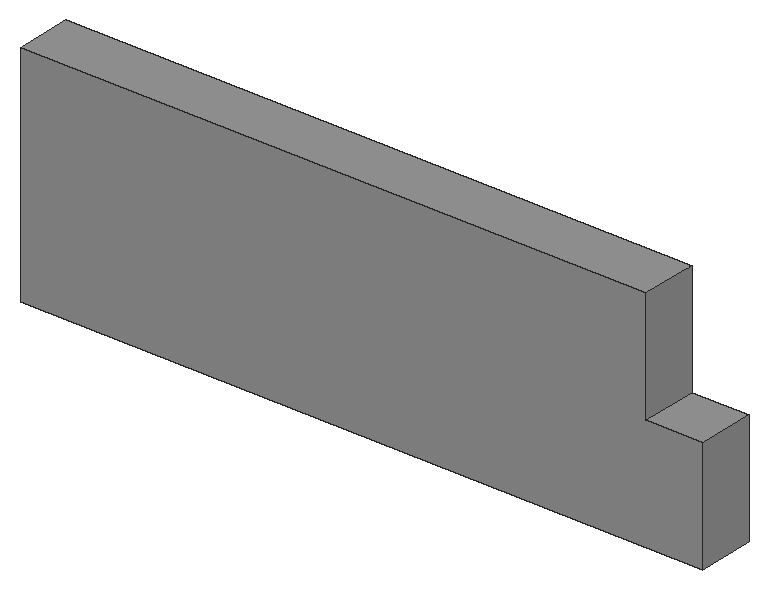
Revit family "3. TacoNegro_PRecta_ESP", category Generic Models, host Wall, Revit 2015
Parameters (values of type "Stonepanel® SKY Taco Negro. 20 cm - 60 cm")
  Ventajas de Stonepanel = "Eficaz: Instalación ágil y sencilla : 10 veces más rápido que la mampostería tradicional (Ritmo medio de colocación de 20 m2/día). Mayor rentabilidad gracias al menor desperdicio de material en obra y a la durabilidad de un producto natural frente a otros revestimientos. La colocación de los paneles no requiere mano de obra ni maquinaria especializada.\r\nSeguro: Un sistema de anclaje patentado, de acero inoxidable, que permite su instalación a más de 2 metros de altura. Base de cemento homogénea y rugosa que garantiza la adhesión y permite el corte sin desprendimiento.\r\nCalidad: Control permanente del proceso de producción desde la oficina I+D+I. Una cuidada selección de piedra natural realizada por los expertos de CUPASTONE. Disponibilidad de piezas especiales para adaptarse perfectamente a cada edificio: esquinas (macizas, rectas, dobles o para ventanas), cubremuros, y otros complementarios.\r\nEstética: Forma de “S” que evita la visión de las juntas para homogenizar el aspecto final. Gran variedad de paneles para elegir entre colores y acabados de piedra natural. La propia belleza y exclusividad de la piedra natural: Cada piedra es\r\núnica."
  Usos Indicados = "Revestimiento de Paredes exteriores e interiores en edificaciones nuevas o rehabilitaciones"
  Uniclass 2015 = "Pr_25_71_14_56 Natural stone panels"
  Uniclass 2 = "Pr_25_71_14_56 Natural stone panels"
  URL = "http://www.cupastone.es/producto/stonepanel-taco-negro/"
  Sistema de anclaje = "Cinta perforada en acero inoxidable:\r\n- Naturaleza del acero: AISI 316 (1.4401) o AISI 304 (1.4301)\r\n- Espesor mínimo (mm) : 0,7\r\n- Ancho (mm) : 12 a 15\r\n- Diámetro del hueco (mm) : 6 ± 1\r\n\r\nTacos:\r\nLa elección de los tacos y clavijas de fijación debe ser realizada teniendo en cuenta la acción en depresión del viento (muros exteriores) y de la resistencia de los tacos en el soporte, en función de la naturaleza del soporte."
  Resistencia al fuego = "No combustible"
  Resistencia a la flexión = "-"
  Resistencia al hielo = "Sin alteraciones despues de 50 ciclos"
  Resistencia = "Buena resistencia"
  Peso = "9 kg"
  Oxidación = "No oxida"
  Otros datos de interés del producto = "Dispone de un anclaje para instalar a alturas superiores a 2 metros"
  Omniclass = "23-15 15 15 11"
  Número de serie = "SPZ-19A"
  NBS Reference = "45-25-45/380 Natural stone panels"
  Model = "Stonpanel® SKY Taco Negro"
  Material = "Pizarra tradicional, de tonalidades negras y azuladas con tendencia a la oxidación en exteriores, para crear paredes o fachadas únicas, elegantes y llenas de personalidad."
  Limpieza = "En general, los paneles no requieren mantenimiento y son auto- limpiantes, pero la eliminación de algunos tipos de marcas pueden requerir un tratamiento especializado.\r\nEn caso de suciedad anormal, la superficie puede limpiarse con una mezcla / detergente doméstico y agua caliente , aplicada con una almohadilla de limpieza adecuado o una esponja."
  Largo = 600 mm
  Impacto = "-"
  Type Image = <None>
  Formato = "600x200"
  Forma de suministro = "Los paneles se presentan en parejas, en un embalaje plástico o en cajas de cartón de 3 o 4 piezas."
  Forma = "Forma de \"s\""
  Manufacturer = "Cupastone"
  Envejecimiento opr cambio térmicos = "Sin alteraciones despues de 20 ciclos."
  Ensayos realizados por SINTEF = "Ensayo a los materiales de piedra, Ensayos a los paneles, Durabilidad y absorción de agua"
  Ensayos realizados por DIBt = "Adherencia entre piedra y mortero, Adherencia entre piedra y mortero tras 50 ciclos de hielo-deshielo"
  Ensayos realizados por BBA = "Resistencia a daños por heladicidad, Resistencia a choque térmico, Adherencia entre piedra y mortero, Resistencia al arrancamiento del anclaje, Resistencia a impacto"
  Ensayos realizados por Avis Technique = "Resistencia mecánica del anclaje, Resistencia mecánica de la cinta de seguridad, Ensayo de durabilidad tras la acción del agua, Ensayo de durabilidad tras la acción del hielo, Ensayo sísmico"
  Durabilidad = "Según el certificado BBA, el sistema tiene una vida de diseño superior a 30 años."
  Detalles constructivos = "Detalles de:\r\n- Instalación con perfil metálico\r\n- Instalación de Stonepanel\r\n- Instalación en muro interior\r\n- Instalación del elemento de seguridad (cinta perforada + tacos)\r\n- Esquinas entrantes\r\n- Esquinas salientes\r\n- Esquinas salientes pre-fabricadas\r\n- Esquinas salientes mediante serrado del panel\r\n- Esquinas salientes sin continuidad de Stonepanel (caso de una fachada lateral)\r\n- Bordes superiores\r\n- Sobre parapeto\r\n- Marco de vano"
  Desfase de altura = 0 mm
  Description = "Pieza de piedra natural montada sobre una base de cemento y reforzada con una malla de fibra de vidrio .\r\nPosee sistema de anclaje patentado, de acero inoxidable, que permite su instalación a más de 2 metros de altura"
  Densidad aparente = "Entre 80 y 100kg/m2"
  Color secundario = "Marrón/Gris"
  Color principal = "Negro"
  Certificaciones = "BBA - Reino Unido, Avis Technique - Francia, DIBt - Alemania, SINTEF - Noruega"
  Aspecto = "Rústico"
  Ancho = 50 mm
  Alto = 200 mm
  Adherencia del mortero = ">1N/mm2"
  Acabado = "Natural"
  Absorción = "Baja absorción"
Types (2): name
  Stonepanel® SKY Taco Negro
  Stonepanel® SKY Taco Negro. 20 cm - 60 cm
Reference planes
  plane 1 "Muro": y = 0
  plane 2 "Centro (Izquierda/Derecha)": x = 125
  plane 3 "Posterior": y = 75
Forms (mm)
  Extrusion 1, solid, material "Stonepanel® SKY Taco Negro"
    sketch origin (0, 160, 1120) x (1, 0, 0) y (0, 0, 1)
      loop
        line (125, -1120) -> (125, -1020) -> (75, -1020) -> (75, -920) -> (-475, -920) -> (-475, -1120) -> (125, -1120)
    from 35 to 85
Text (mm)
  text "Cara de colocación" at (-1848.837, 1116.779, 0), in view "Nivel de referencia"
  text "Cara de colocación" at (0, 1409.804, 2854.306), in view "Izquierda"
  text "Cara de colocación" at (0, 499.811, 2980.732), in view "Derecha"
Dimensions and locks
  locked: plane 3 "Posterior" to host wall
  locked: Extrusion 1 to plane 3 "Posterior" at 0
  "Ancho": Extrusion 1 to Extrusion 1
  "Largo": Extrusion 1 to Extrusion 1
  locked: Extrusion 1 to Extrusion 1 at 100
  "Desfase de altura": level to Extrusion 1
  locked: Extrusion 1 to Extrusion 1 at 50
  "Alto": Extrusion 1 to Extrusion 1
  aligned and locked: plane 1 "Muro" to host wall
Automatic sketch dimensions
  Extrusion 1 sketch curve to level = 0 mm
  Extrusion 1 sketch curve to plane 2 "Centro (Izquierda/Derecha)" = 0 mm
  Extrusion 1 sketch curve to plane 2 "Centro (Izquierda/Derecha)" = 50 mm
  level to Extrusion 1 sketch curve = 200 mm
  Extrusion 1 sketch curve to Extrusion 1 sketch curve = 550 mm
  level to Extrusion 1 sketch curve = 100 mm
